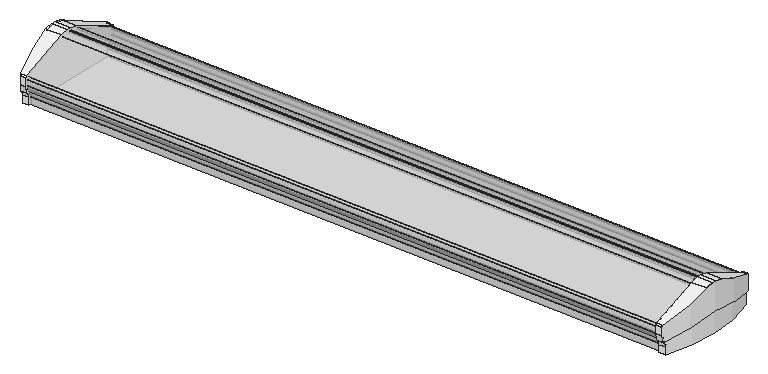
Revit family "0044875 Lighting Fixture_Sylvania_DeltaWing-LED-Electronic_Ceiling Surface", category Lighting Fixtures, host Face, Revit 2017
Family settings
  Host = Face
  Round Connector Dimension = Use Diameter
  Part Type = Normal
  OmniClass Number = 23.80.70.11.17
  OmniClass Title = Specialized Lighting by Location or Use
  Cut with Voids When Loaded = No
  Light Source = Yes
  Shared = No
  Room Calculation Point = No
Parameters (values of type "DELTAWING LED72 EB 4K 1200")
  Width = 200.0 mm
  Weight = 3.40 kg
  Wattage = 70.5677 W
  built-in parameter 1150110 = 1 (stored number, unit not read)
  Voltage Comments = "UNV (Universal Voltage; 220-240 Volt)"  # constant formula
  Voltage = 230 V  # constant formula
  URL = "http://www.sylvania-lighting.com"
  built-in parameter 1114217 = 1 (stored number, unit not read)
  Tilt Angle = -90.00°
  built-in parameter 1150109 = 1 (stored number, unit not read)
  built-in parameter 1150134 = 12
  Ta Rating = "-10°C  to +25°C"  # constant formula
  built-in parameter 1150113 = 1 (stored number, unit not read)
  Product Page URL = "http://www.sylvania-lighting.com/product/en-int/products/0044875"
  Product Family = "DELTAWING LED - ELECTRONIC"  # constant formula
  Photometry Comments = ""
  Photometric Web File = "0044875_DELTAWINGLED72EB4K1200-197925.ies"
  Life = "50 000h"  # constant formula
  Length = 1218.0 mm
  LOR = "100%"
  Inrush Current (max. quantity per 16A C breaker) = "20"  # constant formula
  IP Rating = "IP44"  # constant formula
  IK Rating = "IK08"  # constant formula
  Height = 85.0 mm
  Glow Wire Test = 850 °C  # constant formula
  Glare Control = "UGR<23"  # constant formula
  Emit from Line Length = Length - 2.0 mm * 29  # 1160.0 mm
  Electrical Protection = "Class I"  # constant formula
  Drive Current = "250mA"  # constant formula
  built-in parameter 1114216 [instance] = 1 (stored number, unit not read)
  Cap Material = Plastic_Sylvania_DeltaWing_White
  Model = "DELTAWING LED72 EB 4K 1200"
  Manufacturer = "Feilo Sylvania"
  built-in parameter 1150105 = 2317.4 (stored number, unit not read)
  Lumens = 7260 lm
  built-in parameter 1150115 = 1 (stored number, unit not read)
  built-in parameter 1150137 = (empty or 0)
  built-in parameter 1150139 = (empty or 0)
  built-in parameter 1150112 = 1 (stored number, unit not read)
  built-in parameter 1150114 = 1 (stored number, unit not read)
  Lamp = "\tIntegrated LED"  # constant formula
  built-in parameter 1150132 = 2
  built-in parameter 1150102 = (empty or 0)
  built-in parameter 1150107 = 4000 (stored number, unit not read)
  built-in parameter 1150138 = (empty or 0)
  built-in parameter 1150106 = 23.174 (stored number, unit not read)
  CRI (Ra) = "> 80"  # constant formula
  Body Material = Steel_Sylvania_DeltaWing_White
  built-in parameter 1150104 = 9.5579 (stored number, unit not read)
  Dimming Lamp Color Temperature Shift = <None>
  Diffuser Material = Polycarbonate_Sylvania_DeltaWing_Opal_4000K
  Description = "Low profile surface and suspended LED diffuser luminaire DeltaWing LED is perfect to fulfil a wide range of applications, including educational environments, medical buildings, storage facilities and circulation areas including stairwells High performance: delivers up to 7,260lm (luminaire lumen output on 4,000K version), and up to 102lm/W (total system efficiency) Available in neutral white (4,000K) and warm white (3,000K) Smooth Polycarbonate extruded diffuser provides high efficiency, while minimising glare Precision prisms designed to optimise light output and reduce glare Options of non-dimmable, DALI, 3 hour maintained Emergency and Integrated Microwave sensor as standard Integrated Microwave sensor mounted discretely behind the diffuser helps further reduce energy and maintenance bills Suitable for suspended mounting using wire suspension kit (to be ordered seperately) BESA box connection possibility standard on product Long lifetime: 50,000 hours life at 70% of the original output L70 Energy class: A++, A+, A"  # constant formula
  Default Elevation = 0.0 mm
  Color Filter = 16777215
  Catalog Number = "0044875 DELTAWING LED72 EB 4K 1200"
  built-in parameter 1140040 [instance] = 1
  built-in parameter 1114218 = 1 (stored number, unit not read)
  built-in parameter 1150133 = 10 (stored number, unit not read)
  Assembly Code = "D5020200"
  Apparent Load = 71 VA
Reference planes
  plane 1 "Center (Front/Back)": y = 0
  plane 2 "Fixture Top": z = 0
  plane 3 "Center (Left/Right)": x = 0
  plane 4 "Fixture Left": x = -609
  plane 5 "Fixture Right": x = 609
  plane 6 "Fixture Back": y = 100
  plane 7 "Fixture Front": y = -100
  plane 8 "Cap left": x = -580
  plane 9 "Cap Right": x = 580
  plane 10 "Lamp Plane": z = 22
  plane 11 "Fixture Bottom": z = 85
  plane 12: y = 20
  plane 13: y = -20
Forms (mm)
  Extrusion 1, solid, material "Steel_Sylvania_DeltaWing_White" <- "Body Material", detail levels fine
    sketch origin (0, 0, 0) x (0, 1, 0) y (0, 0, 1)
      loop
        line (-88.5, 0) -> (88.5, 0) -> (88.5, 13.239) -> (90.848, 22) -> (88.777, 22) -> (86.5, 13.502) -> (86.5, 2) -> (-86.5, 2) -> (-86.5, 13.502) -> (-88.777, 22) -> (-90.848, 22) -> (-88.5, 13.239) -> (-88.5, 0)
    from -580 to 580
  Extrusion 2, solid, material "Polycarbonate_Sylvania_DeltaWing_Opal_4000K" <- "Diffuser Material", detail levels fine
    sketch origin (0, 0, 0) x (0, 1, 0) y (0, 0, 1)
      loop
        line (96, 33.502) -> (94.018, 26.104) -> (92.041, 26.455) -> (88.5, 13.239) -> (88.5, 0) -> (90.5, 0) -> (90.5, 12.975) -> (93.498, 24.165) -> (95.475, 23.815) -> (98, 33.238) -> (98, 44.42)
        arc (98, 44.42) -> (97.319, 46.653) -> (95.506, 48.125) r 4
        line (95.506, 48.125) -> (16.971, 80.055)
        arc (16.971, 80.055) -> (9.581, 82.257) -> (1.906, 83) r 40
        line (1.906, 83) -> (-1.906, 83)
        arc (-1.906, 83) -> (-9.581, 82.257) -> (-16.971, 80.055) r 40
        line (-16.971, 80.055) -> (-95.506, 48.125)
        arc (-95.506, 48.125) -> (-97.319, 46.653) -> (-98, 44.42) r 4
        line (-98, 44.42) -> (-98, 33.238) -> (-95.475, 23.815) -> (-93.498, 24.165) -> (-90.5, 12.975) -> (-90.5, 0) -> (-88.5, 0) -> (-88.5, 13.239) -> (-92.041, 26.455) -> (-94.018, 26.104) -> (-96, 33.502) -> (-96, 43.074)
        arc (-96, 43.074) -> (-95.319, 45.307) -> (-93.506, 46.779) r 4
        line (-93.506, 46.779) -> (-15.978, 78.299)
        arc (-15.978, 78.299) -> (-9.922, 80.17) -> (-3.638, 81) r 37.685
        line (-3.638, 81) -> (3.638, 81)
        arc (3.638, 81) -> (9.922, 80.17) -> (15.978, 78.299) r 37.685
        line (15.978, 78.299) -> (93.506, 46.779)
        arc (93.506, 46.779) -> (95.319, 45.307) -> (96, 43.074) r 4
        line (96, 43.074) -> (96, 33.502)
    from -580 to 580
  Extrusion 3, solid, material "Steel_Sylvania_DeltaWing_White" <- "Body Material", detail levels coarse+medium
    sketch origin (0, 0, 0) x (0, 1, 0) y (0, 0, 1)
      loop
        line (-16.971, 80.055) -> (-95.506, 48.125)
        arc (-95.506, 48.125) -> (-97.319, 46.653) -> (-98, 44.42) r 4
        line (-98, 44.42) -> (-98, 33.238) -> (-95.475, 23.815) -> (-93.498, 24.165) -> (-90.5, 12.975) -> (-90.5, 0) -> (90.5, 0) -> (90.5, 12.975) -> (93.498, 24.165) -> (95.475, 23.815) -> (98, 33.238) -> (98, 44.42)
        arc (98, 44.42) -> (97.319, 46.653) -> (95.506, 48.125) r 4
        line (95.506, 48.125) -> (16.971, 80.055)
        arc (16.971, 80.055) -> (9.581, 82.257) -> (1.906, 83) r 40
        line (1.906, 83) -> (-1.906, 83)
        arc (-1.906, 83) -> (-9.581, 82.257) -> (-16.971, 80.055) r 40
    from -580 to 580
Dimensions and locks
  equal spacing: plane 4 "Fixture Left", plane 3 "Center (Left/Right)", plane 5 "Fixture Right"
  "Length": plane 4 "Fixture Left" to plane 5 "Fixture Right"
  locked: plane 4 "Fixture Left" to plane 8 "Cap left" at 29
  locked: plane 9 "Cap Right" to plane 5 "Fixture Right" at 29
  "Height": plane 11 "Fixture Bottom" to plane 2 "Fixture Top"
  equal spacing: plane 6 "Fixture Back", plane 1 "Center (Front/Back)", plane 7 "Fixture Front"
  "Width": plane 6 "Fixture Back" to plane 7 "Fixture Front"
  equal spacing: plane 12, plane 1 "Center (Front/Back)", plane 13
  locked: Extrusion 1 sketch curve to Extrusion 1 sketch curve at 2
  locked: plane 10 "Lamp Plane" to Extrusion 1 sketch curve at 8.498  (x2)
  aligned and locked: level to host face
  aligned and locked: nested 1 to plane 1 "Center (Front/Back)"
  aligned and locked: nested 1 to plane 5 "Fixture Right"
  aligned and locked: nested 2 to plane 4 "Fixture Left"
  aligned and locked: plane 2 "Fixture Top" to Extrusion 1 sketch curve
  aligned and locked: Extrusion 1 to plane 8 "Cap left"
  aligned and locked: plane 9 "Cap Right" to Extrusion 1
  aligned and locked: Extrusion 2 to plane 8 "Cap left"
  aligned and locked: plane 9 "Cap Right" to Extrusion 2
  aligned and locked: Extrusion 3 sketch curve to Extrusion 2  (x2)
  aligned and locked: Extrusion 3 to plane 8 "Cap left"
  aligned and locked: plane 9 "Cap Right" to Extrusion 3
  aligned and locked: plane 2 "Fixture Top" to nested 2
  aligned and locked: nested 1 to plane 2 "Fixture Top"
  aligned and locked: plane 10 "Lamp Plane" to Extrusion 1 sketch curve  (x2)
  aligned and locked: Extrusion 3 sketch curve to plane 2 "Fixture Top"
  aligned and locked: plane 2 "Fixture Top" to Extrusion 2 sketch curve
  aligned and locked: Extrusion 2 sketch curve to plane 2 "Fixture Top"
  aligned and locked: imposter light to plane 1 "Center (Front/Back)"
  aligned and locked: plane 3 "Center (Left/Right)" to imposter light
  aligned and locked: plane 11 "Fixture Bottom" to imposter light
Automatic sketch dimensions
  host sketch curve to host sketch curve = 1713.741 mm
  host sketch curve to host sketch curve = 1283.632 mm
  plane 7 "Fixture Front" to Extrusion 2 sketch curve = 2.0 mm
  Extrusion 2 sketch curve to plane 10 "Lamp Plane" = 9.025 mm  (x2)
  Extrusion 2 sketch curve to Extrusion 2 sketch curve = 2.0 mm  (x8)
  Extrusion 2 sketch curve to Extrusion 2 sketch curve = 2.494 mm
  plane 10 "Lamp Plane" to Extrusion 2 sketch curve = 1.815 mm  (x2)
  plane 7 "Fixture Front" to Extrusion 2 sketch curve = 4.525 mm
  Extrusion 2 sketch curve to Extrusion 2 sketch curve = 1.457 mm  (x2)
  plane 10 "Lamp Plane" to Extrusion 2 sketch curve = 2.165 mm  (x2)
  Extrusion 2 sketch curve to Extrusion 2 sketch curve = 0.52 mm
  Extrusion 2 sketch curve to Extrusion 2 sketch curve = 1.977 mm  (x3)
  plane 7 "Fixture Front" to Extrusion 2 sketch curve = 9.5 mm
  plane 13 to Extrusion 2 sketch curve = 3.029 mm
  Extrusion 2 sketch curve to Extrusion 2 sketch curve = 0.993 mm  (x2)
  plane 1 "Center (Front/Back)" to Extrusion 2 sketch curve = 3.638 mm
  plane 1 "Center (Front/Back)" to Extrusion 2 sketch curve = 1.906 mm
  Extrusion 2 sketch curve to plane 1 "Center (Front/Back)" = 1.906 mm
  Extrusion 2 sketch curve to Extrusion 2 sketch curve = 1.732 mm
  plane 12 to Extrusion 2 sketch curve = 4.022 mm
  Extrusion 2 sketch curve to plane 6 "Fixture Back" = 11.5 mm
  Extrusion 2 sketch curve to plane 6 "Fixture Back" = 7.959 mm
  Extrusion 2 sketch curve to plane 6 "Fixture Back" = 6.494 mm
  Extrusion 2 sketch curve to plane 6 "Fixture Back" = 4.0 mm
  Extrusion 2 sketch curve to plane 6 "Fixture Back" = 2.0 mm
  Extrusion 2 sketch curve to Extrusion 2 sketch curve = 0.041 mm  (x2)
  Extrusion 2 sketch curve to Extrusion 2 sketch curve = 1.506 mm
  Extrusion 2 sketch curve to Extrusion 2 sketch curve = 0.494 mm
  Extrusion 2 sketch curve to Extrusion 2 sketch curve = 0.263 mm  (x4)
  Extrusion 2 sketch curve to Extrusion 2 sketch curve = 1.939 mm  (x2)
  Extrusion 2 sketch curve to Extrusion 2 sketch curve = 0.351 mm  (x2)
  Extrusion 2 sketch curve to Extrusion 2 sketch curve = 7.134 mm  (x2)
  Extrusion 2 sketch curve to Extrusion 2 sketch curve = 9.572 mm  (x2)
  Extrusion 2 sketch curve to Extrusion 2 sketch curve = 1.346 mm  (x2)
  Extrusion 2 sketch curve to plane 11 "Fixture Bottom" = 6.701 mm
  Extrusion 2 sketch curve to Extrusion 2 sketch curve = 0.0 mm
  Extrusion 2 sketch curve to Extrusion 2 sketch curve = 1.755 mm  (x2)
  Extrusion 2 sketch curve to Extrusion 2 sketch curve = 2.701 mm
  Extrusion 1 sketch curve to Extrusion 1 sketch curve = 2.0 mm  (x2)
  Extrusion 1 sketch curve to Extrusion 1 sketch curve = 0.263 mm  (x2)
  Extrusion 1 sketch curve to Extrusion 1 sketch curve = 2.071 mm  (x2)
  plane 7 "Fixture Front" to Extrusion 1 sketch curve = 9.152 mm
  plane 13 to Extrusion 3 sketch curve = 3.029 mm
  Extrusion 3 sketch curve to Extrusion 3 sketch curve = 1.506 mm  (x2)
  Extrusion 3 sketch curve to Extrusion 3 sketch curve = 11.181 mm  (x2)
  plane 10 "Lamp Plane" to Extrusion 3 sketch curve = 1.815 mm  (x2)
  plane 7 "Fixture Front" to Extrusion 3 sketch curve = 4.525 mm
  plane 10 "Lamp Plane" to Extrusion 3 sketch curve = 2.165 mm  (x2)
  Extrusion 3 sketch curve to Extrusion 3 sketch curve = 1.977 mm  (x2)
  plane 7 "Fixture Front" to Extrusion 3 sketch curve = 9.5 mm
  Extrusion 3 sketch curve to plane 10 "Lamp Plane" = 9.025 mm  (x2)
  plane 1 "Center (Front/Back)" to Extrusion 3 sketch curve = 1.906 mm
  plane 10 "Lamp Plane" to Extrusion 3 sketch curve = 21.0 mm
  plane 12 to Extrusion 3 sketch curve = 3.029 mm
  Extrusion 3 sketch curve to plane 1 "Center (Front/Back)" = 1.906 mm
  Extrusion 3 sketch curve to plane 6 "Fixture Back" = 4.494 mm
  Extrusion 3 sketch curve to Extrusion 3 sketch curve = 0.0 mm
  plane 10 "Lamp Plane" to Extrusion 3 sketch curve = 26.125 mm
  Extrusion 3 sketch curve to plane 6 "Fixture Back" = 2.0 mm
  Extrusion 3 sketch curve to plane 6 "Fixture Back" = 4.525 mm
  Extrusion 3 sketch curve to plane 6 "Fixture Back" = 9.5 mm
  Extrusion 1 sketch curve to plane 6 "Fixture Back" = 11.223 mm
  plane 7 "Fixture Front" to Extrusion 1 sketch curve = 11.5 mm
  Extrusion 1 sketch curve to plane 6 "Fixture Back" = 13.5 mm
Nested families
  nested 1: "Cap" at (580, 0, 0) x (0, 1, 0) z (0, 0, 1), type "Type"
  nested 2: "Cap" at (-580, 0, 0) x (0, 1, 0) z (0, 0, 1), type "Type"
Connectors
  electrical at (0, 0, 0), driven by "Voltage", driven by "Apparent Load"
    settings: on Extrusion 1, index 1, voltage 230 V, apparent load 0 VA, apparent load phase1 71 VA, apparent load phase2 0 VA, apparent load phase3 0 VA, power factor 1, load classification "Lighting", number of poles 1, system type 31, power factor state 1, is connector primary yes, connector utility no, sub classification motor no, connector description ""
Definition of nested family "Cap"
  Parameters
    Height = 85.0 mm
    Width = 200.0 mm
    Default Elevation = 0.0 mm
    Cap Material = none
  Reference planes
    plane 1 "Center (Front/Back)": y = 0
    plane 2: z = 0
    plane 3 "Center (Left/Right)": x = 0
    plane 4: x = 100
    plane 5: x = -100
    plane 6: y = -29
    plane 7: y = -10
    plane 8: z = 85
    plane 9: z = 17
    plane 10: z = 22
    plane 11: z = 37
  Forms (mm)
    Extrusion 1, solid, material <- "Cap Material"
      sketch origin (0, 0, 0) x (1, 0, 0) y (0, 1, 0)
        loop
          line (-100, 0) -> (-100, -10)
          arc (-100, -10) -> (0, -28.818) -> (100, -10) r 275.114
          line (100, -10) -> (100, 0) -> (-100, 0)
      from 0 to 85
    Extrusion 2, void
      sketch origin (0, 0, 0) x (1, 0, 0) y (0, 0, 1)
        loop
          line (-92.5, 0) -> (-92.5, 12.712) -> (-94.955, 21.876) -> (-96.887, 21.358) -> (-101.913, 40.115)
          arc (-101.913, 40.115) -> (-101.345, 45.755) -> (-97.183, 49.603) r 8
          line (-97.183, 49.603) -> (-17.481, 82.006)
          arc (-17.481, 82.006) -> (-8.901, 84.444) -> (0, 85) r 41.685
          arc (0, 85) -> (8.901, 84.444) -> (17.481, 82.006) r 41.685
          line (17.481, 82.006) -> (97.183, 49.603)
          arc (97.183, 49.603) -> (101.345, 45.755) -> (101.913, 40.115) r 8
          line (101.913, 40.115) -> (96.887, 21.358) -> (94.955, 21.876) -> (92.5, 12.712) -> (92.5, 0) -> (117.5, 0) -> (117.5, 106.013) -> (-117.5, 106.013) -> (-117.5, 0) -> (-92.5, 0)
      from 0 to 250
    Extrusion 3, void
      sketch origin (0, 0, 0) x (1, 0, 0) y (0, 0, 1)
        loop
          line (-94.955, 21.876) -> (-100, 20.524) -> (-100, 0) -> (100, 0) -> (100, 20.524) -> (94.955, 21.876) -> (10.419, 36.87)
          arc (10.419, 36.87) -> (0, 37.781) -> (-10.419, 36.87) r 60
          line (-10.419, 36.87) -> (-94.955, 21.876)
      from -68.585 to 250
    Extrusion 4, solid, material <- "Cap Material"
      sketch origin (0, 0, 0) x (1, 0, 0) y (0, 1, 0)
        loop
          line (-100, 0) -> (-100, -9.525)
          arc (-100, -9.525) -> (0.169, -27.445) -> (100, -7.727) r 275.114
          line (100, -7.727) -> (100, 0) -> (-100, 0)
      from 0 to 85
    Extrusion 5, void
      sketch origin (0, 0, 0) x (1, 0, 0) y (0, 0, 1)
        loop
          line (-92.5, 0) -> (-92.5, 12.712) -> (-94.955, 21.876) -> (-96.887, 21.358) -> (-101.913, 40.115)
          arc (-101.913, 40.115) -> (-101.345, 45.755) -> (-97.183, 49.603) r 8
          line (-97.183, 49.603) -> (-17.481, 82.006)
          arc (-17.481, 82.006) -> (-8.901, 84.444) -> (0, 85) r 41.685
          arc (0, 85) -> (8.901, 84.444) -> (17.481, 82.006) r 41.685
          line (17.481, 82.006) -> (97.183, 49.603)
          arc (97.183, 49.603) -> (101.345, 45.755) -> (101.913, 40.115) r 8
          line (101.913, 40.115) -> (96.887, 21.358) -> (94.955, 21.876) -> (92.5, 12.712) -> (92.5, 0) -> (117.5, 0) -> (117.5, 106.013) -> (-117.5, 106.013) -> (-117.5, 0) -> (-92.5, 0)
      from 0 to 250
  Cuts and joins
    Extrusion 2, Extrusion 3, Extrusion 5 cuts Extrusion 1
    Extrusion 5 cuts Extrusion 4
    joined: Extrusion 1, Extrusion 4
  Dimensions and locks
    equal spacing: plane 5, plane 3 "Center (Left/Right)", plane 4
    "Width": plane 5 to plane 4
    locked: plane 1 "Center (Front/Back)" to plane 6 at 29
    plane 1 "Center (Front/Back)" to plane 7 = 10.0 mm
    "Height": plane 8 to level
    plane 9 to plane 2 = 17.0 mm
    plane 10 to plane 9 = 5.0 mm
    Extrusion 2 sketch curve to plane 5 = 7.5 mm
    aligned and locked: level to plane 2
    aligned and locked: plane 1 "Center (Front/Back)" to Extrusion 1 sketch curve
    aligned and locked: Extrusion 1 sketch curve to plane 5
    aligned and locked: Extrusion 1 sketch curve to plane 4
    aligned and locked: plane 7 to Extrusion 1 sketch curve  (x2)
    aligned and locked: Extrusion 1 to plane 2
    aligned and locked: plane 8 to Extrusion 1
  Automatic sketch dimensions
    Extrusion 1 sketch curve to plane 1 "Center (Front/Back)" = 246.296 mm
    Extrusion 2 sketch curve to plane 5 = 17.5 mm
    Extrusion 2 sketch curve to plane 9 = 4.288 mm
    Extrusion 2 sketch curve to plane 3 "Center (Left/Right)" = 0.0 mm
    Extrusion 2 sketch curve to plane 8 = 0.0 mm
    Extrusion 2 sketch curve to plane 5 = 1.913 mm
    plane 5 to Extrusion 2 sketch curve = 2.817 mm
    plane 10 to Extrusion 2 sketch curve = 0.642 mm  (x2)
    plane 5 to Extrusion 2 sketch curve = 3.113 mm
    plane 10 to Extrusion 2 sketch curve = 0.124 mm  (x2)
    Extrusion 2 sketch curve to plane 8 = 2.994 mm  (x2)
    Extrusion 2 sketch curve to plane 3 "Center (Left/Right)" = 17.481 mm
    plane 3 "Center (Left/Right)" to Extrusion 2 sketch curve = 17.481 mm
    Extrusion 2 sketch curve to plane 4 = 7.5 mm
    Extrusion 2 sketch curve to plane 4 = 5.045 mm
    Extrusion 2 sketch curve to Extrusion 2 sketch curve = 1.932 mm
    Extrusion 2 sketch curve to plane 4 = 2.817 mm
    plane 4 to Extrusion 2 sketch curve = 1.913 mm
    plane 4 to Extrusion 2 sketch curve = 17.5 mm
    plane 5 to Extrusion 2 sketch curve = 5.814 mm
    Extrusion 2 sketch curve to plane 3 "Center (Left/Right)" = 1.865 mm
    plane 3 "Center (Left/Right)" to Extrusion 2 sketch curve = 1.865 mm
    Extrusion 2 sketch curve to plane 4 = 5.814 mm
    Extrusion 2 sketch curve to Extrusion 2 sketch curve = 9.488 mm  (x2)
    plane 8 to Extrusion 2 sketch curve = 21.013 mm
    Extrusion 2 sketch curve to level = 0.0 mm  (x2)
    Extrusion 3 sketch curve to plane 3 "Center (Left/Right)" = 0.0 mm
    plane 10 to Extrusion 3 sketch curve = 0.124 mm  (x2)
    Extrusion 3 sketch curve to plane 3 "Center (Left/Right)" = 10.419 mm
    plane 3 "Center (Left/Right)" to Extrusion 3 sketch curve = 10.419 mm
    plane 11 to Extrusion 3 sketch curve = 0.13 mm
    plane 10 to Extrusion 3 sketch curve = 1.476 mm  (x2)
    Extrusion 3 sketch curve to level = 0.0 mm
    Extrusion 3 sketch curve to plane 5 = 0.0 mm
    Extrusion 3 sketch curve to Extrusion 3 sketch curve = 22.219 mm
    plane 5 to Extrusion 3 sketch curve = 5.045 mm
    Extrusion 3 sketch curve to plane 4 = 5.045 mm
    plane 4 to Extrusion 3 sketch curve = 0.0 mm
    plane 1 "Center (Front/Back)" to Extrusion 4 sketch curve = 0.0 mm
    Extrusion 4 sketch curve to plane 5 = 0.0 mm
    Extrusion 4 sketch curve to plane 4 = 0.0 mm
    plane 7 to Extrusion 4 sketch curve = 2.273 mm
    plane 7 to Extrusion 4 sketch curve = 0.475 mm
    Extrusion 4 sketch curve to plane 1 "Center (Front/Back)" = 247.658 mm
    Extrusion 5 sketch curve to level = 0.0 mm  (x2)
    Extrusion 5 sketch curve to plane 5 = 17.5 mm
    Extrusion 5 sketch curve to plane 9 = 4.288 mm  (x2)
    Extrusion 5 sketch curve to plane 3 "Center (Left/Right)" = 0.0 mm
    Extrusion 5 sketch curve to plane 8 = 0.0 mm
    Extrusion 5 sketch curve to plane 5 = 1.913 mm
    plane 5 to Extrusion 5 sketch curve = 2.817 mm
    plane 10 to Extrusion 5 sketch curve = 0.642 mm  (x2)
    plane 5 to Extrusion 5 sketch curve = 3.113 mm
    plane 10 to Extrusion 5 sketch curve = 0.124 mm  (x2)
    Extrusion 5 sketch curve to Extrusion 5 sketch curve = 1.932 mm
    Extrusion 5 sketch curve to plane 8 = 2.994 mm  (x2)
    Extrusion 5 sketch curve to plane 3 "Center (Left/Right)" = 17.481 mm
    plane 3 "Center (Left/Right)" to Extrusion 5 sketch curve = 17.481 mm
    Extrusion 5 sketch curve to plane 4 = 7.5 mm
    Extrusion 5 sketch curve to plane 4 = 5.045 mm
    Extrusion 5 sketch curve to plane 4 = 2.817 mm
    plane 4 to Extrusion 5 sketch curve = 1.913 mm
    plane 4 to Extrusion 5 sketch curve = 17.5 mm
    plane 5 to Extrusion 5 sketch curve = 5.814 mm
    Extrusion 5 sketch curve to plane 3 "Center (Left/Right)" = 1.865 mm
    plane 3 "Center (Left/Right)" to Extrusion 5 sketch curve = 1.865 mm
    Extrusion 5 sketch curve to plane 4 = 5.814 mm
    Extrusion 5 sketch curve to Extrusion 5 sketch curve = 9.488 mm  (x2)
    plane 8 to Extrusion 5 sketch curve = 21.013 mm
